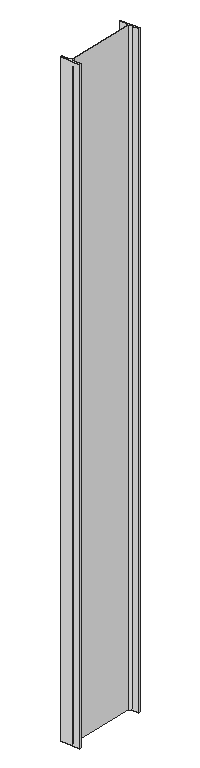
Revit family
Parameters (values of type "M310x16.1")
  기둥 재료 [instance] = 금속 - 스틸 - 345 MPa
  Assembly Code = ""
  A = 0.002 m²
  W = 0.158
  bf = 77.9 mm
  d = 304 mm
  k = 14 mm
  kr = k - tf  # 9 mm
  tf = 5 mm
  tw = 4.1 mm
Types (2, lengths in mm): name | A | W | bf | d | tw
  M310x16.1 | 0.002 m² | 0.158 | 77.9 | 304 | 4.1
  M200x9.7 | 0.001 m² | 0.095 | 57.9 | 203 | 3.4
Reference planes
  plane 1: y = 0
  plane 2: z = 0
  plane 3: x = 0
  plane 4: x = -38.95
  plane 5: x = 38.95
  plane 6: y = 152
  plane 7: y = -152
  plane 8: x = -3.969
  plane 9: x = 3.969
Forms (mm)
  Extrusion 1, solid, material "금속 - 스틸 - 345 MPa" <- "기둥 재료", detail levels medium
    sketch origin (0, 0, 0) x (1, 0, 0) y (0, 1, 0)
      loop
        line (-38.95, 152) -> (-38.95, 147) -> (-2.05, 147) -> (-2.05, -147) -> (-38.95, -147) -> (-38.95, -152) -> (38.95, -152) -> (38.95, -147) -> (2.05, -147) -> (2.05, 147) -> (38.95, 147) -> (38.95, 152) -> (-38.95, 152)
    from 0 to 2500
  Extrusion 2, solid, material "금속 - 스틸 - 345 MPa" <- "기둥 재료", detail levels fine
    sketch origin (0, 0, 0) x (1, 0, 0) y (0, 1, 0)
      loop
        line (-38.95, 152) -> (-38.95, 147) -> (-11.05, 147)
        arc (-11.05, 147) -> (-4.686, 144.364) -> (-2.05, 138) r 9
        line (-2.05, 138) -> (-2.05, -138)
        arc (-2.05, -138) -> (-4.686, -144.364) -> (-11.05, -147) r 9
        line (-11.05, -147) -> (-38.95, -147) -> (-38.95, -152) -> (38.95, -152) -> (38.95, -147) -> (11.05, -147)
        arc (11.05, -147) -> (4.686, -144.364) -> (2.05, -138) r 9
        line (2.05, -138) -> (2.05, 138)
        arc (2.05, 138) -> (4.686, 144.364) -> (11.05, 147) r 9
        line (11.05, 147) -> (38.95, 147) -> (38.95, 152) -> (-38.95, 152)
    from 0 to 2500
Lines and regions (mm)
  symbolic lines, style "StructuralColumnStickSymbols", detail levels coarse
    curve 1: line (-38.95, 152, 0) -> (38.95, 152, 0)
    curve 2: line (-38.95, -152, 0) -> (38.95, -152, 0)
    curve 3: line (0, 152, 0) -> (0, -152, 0)
  symbolic lines, style "숨겨진 면", detail levels medium+fine
    curve 4: line (-3.969, 0, 0) -> (-3.969, 0, 2500)
    curve 5: line (3.969, 0, 2500) -> (3.969, 0, 0)
Dimensions and locks
  equal spacing: plane 4, plane 3, plane 5
  equal spacing: plane 7, plane 1, plane 6
  "d": plane 7 to plane 6
  "bf": plane 4 to plane 5
  "tf": plane 7 to Extrusion 1 sketch curve
  "tf": Extrusion 1 sketch curve to plane 6
  equal spacing: Extrusion 1 sketch curve, plane 3, Extrusion 1 sketch curve
  "tw": Extrusion 1 sketch curve to Extrusion 1 sketch curve
  "kr": radius of Extrusion 2 sketch curve  (x4)
  aligned and locked: plane 6 to Extrusion 1 sketch curve
  aligned and locked: Extrusion 1 sketch curve to plane 7
  aligned and locked: Extrusion 1 sketch curve to plane 4  (x2)
  aligned and locked: plane 5 to Extrusion 1 sketch curve  (x2)
  aligned and locked: Extrusion 1 sketch curve to Extrusion 1 sketch curve  (x2)
  aligned and locked: level to Extrusion 1
  aligned and locked: level to plane 2
  aligned and locked: Extrusion 1 to plane 2
  aligned and locked: plane 6 to Extrusion 2 sketch curve
  aligned and locked: plane 5 to Extrusion 2 sketch curve  (x2)
  aligned and locked: Extrusion 2 sketch curve to plane 4  (x2)
  aligned and locked: Extrusion 2 sketch curve to Extrusion 1  (x6)
  aligned and locked: Extrusion 2 sketch curve to plane 7
  aligned and locked: level to Extrusion 2
  aligned and locked: Extrusion 2 to level
Automatic sketch dimensions
  curve 2 to plane 4 = 0 mm
  curve 1 to plane 4 = 0 mm
  curve 3 to plane 3 = 0 mm
  curve 2 to plane 5 = 0 mm
  curve 1 to plane 5 = 0 mm
  curve 3 to plane 7 = 0 mm
  curve 3 to plane 6 = 0 mm
  curve 4 to level = 0 mm  (x2)
  curve 4 to plane 8 = 0 mm
  curve 5 to level = 0 mm  (x2)
  curve 5 to plane 9 = 0 mm
